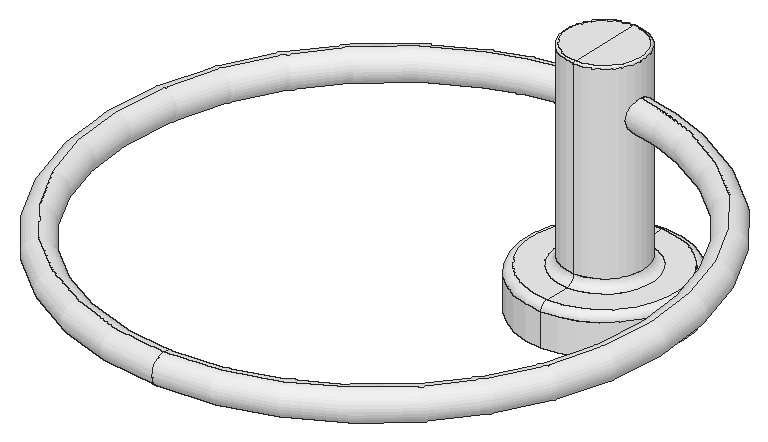
Revit family "Towel_Ring-Wall_Mounted-American_Standard-CR_Series-8336.190", category Specialty Equipment, host Face, Revit 2014
Parameters (values of type "9336.190")
  Width = 7 1/8"
  URL = "http://www.americanstandard-us.com"
  Type Comments = ""
  Revised Date = "11/22/2016"
  Product Page URL = "https://www.americanstandard-us.com/bathroom/bathroom-accessories/cr-series-towel-ring-23024"
  Product Documentation Link = "https://www.americanstandard-us.com/-/media/sites/asus/files/product-specs/bulk/specsheet8336190.pdf?la=en"
  Price = "Prices may vary. Please consult Manufacturer Representative for most up-to-date price list."  # constant formula
  Model = "9336.190"
  Material = "Metal-American Standard-002-Polished Chrome"
  Manufacturer = "American Standard"
  Length = 3"
  Installation Type = "Wall Mounted"
  Height = 8 1/8"
  Description = "CR Series Towel Ring with concealed mounting."
  Default Elevation = 40"
  Creation Date = "11/12/2013"
  Assembly Code = "C1030220"
Reference planes (in)
  plane 1 "Center (Front/Back)": y = 0
  plane 2: z = 0
  plane 3 "Center (Left/Right)": x = 0
  plane 4: y = 1
  plane 5: y = -7.125
  plane 6: x = -3.5625
  plane 7: x = 3.5625
  plane 8: y = -1
  plane 9: z = 3
  plane 10: z = 2.375
Forms (in)
  Revolve 1, solid, material "Metal-American Standard-002-Polished Chrome"
    sketch origin (0, 0, 0) x (0, 0, -1) y (0, 1, 0)
      loop
        line (0, 1) -> (-0.40733, 1)
        arc (-0.40733, 1) -> (-0.47286, 0.97286) -> (-0.5, 0.90733) r 0.09267
        line (-0.5, 0.90733) -> (-0.5, 0.59122)
        arc (-0.5, 0.59122) -> (-0.53178, 0.51449) -> (-0.60851, 0.48271) r 0.10851
        line (-0.60851, 0.48271) -> (-2.97695, 0.48271)
        arc (-2.97695, 0.48271) -> (-2.99325, 0.47596) -> (-3, 0.45967) r 0.02305
        line (-3, 0.45967) -> (-3, 0) -> (0, 0) -> (0, 1)
      axis (-3, 0) -> (0, 0)
    angle from 0 to 360
  Sweep 2, solid, material "Metal-American Standard-002-Polished Chrome"
    path origin (0, 0, 0) x (1, 0, 0) y (0, 1, 0)
      loop
        spline (0, 0.1875) -> (-0.92172, 0.06292) -> (-1.78063, -0.30234) -> (-2.5182, -0.88339) -> (-3.08415, -1.64062) -> (-3.43992, -2.52244) -> (-3.56127, -3.46875) -> (-3.43992, -4.41506) -> (-3.08415, -5.29687) -> (-2.5182, -6.05411) -> (-1.78063, -6.63516) -> (-0.92172, -7.00042) -> (0, -7.125)
        spline (0, -7.125) -> (0.92172, -7.00042) -> (1.78063, -6.63516) -> (2.5182, -6.05411) -> (3.08415, -5.29687) -> (3.43992, -4.41506) -> (3.56127, -3.46875) -> (3.43992, -2.52244) -> (3.08415, -1.64062) -> (2.5182, -0.88339) -> (1.78063, -0.30234) -> (0.92172, 0.06292) -> (0, 0.1875)
    profile origin (-3.56127, -3.46875, 0) x (1, 0, 0) y (0, 0, 1)
      loop
        circle (0.1875, 2.375) r 0.1875
Cuts and joins
  joined: Revolve 1, Sweep 2
Lines and regions (in)
  Masking region 1
    outline origin (0, 0, 0) x (1, 0, 0) y (0, 0, 1)
      loop
        line (-1, 0) -> (1, 0) -> (1, 0.40556)
        arc (1, 0.40556) -> (0.97219, 0.47269) -> (0.90506, 0.5005) r 0.09494
        line (0.90506, 0.5005) -> (0.58982, 0.5005)
        arc (0.58982, 0.5005) -> (0.51418, 0.53183) -> (0.48286, 0.60746) r 0.10696
        line (0.48286, 0.60746) -> (0.48286, 2.1875) -> (3.37366, 2.1875)
        arc (3.37366, 2.1875) -> (3.56116, 2.375) -> (3.37366, 2.5625) r 0.1875
        line (3.37366, 2.5625) -> (0.48286, 2.5625) -> (0.48286, 2.9768)
        arc (0.48286, 2.9768) -> (0.47606, 2.99321) -> (0.45966, 3) r 0.0232
        line (0.45966, 3) -> (-0.45973, 3)
        arc (-0.45973, 3) -> (-0.47608, 2.99323) -> (-0.48286, 2.97688) r 0.02312
        line (-0.48286, 2.97688) -> (-0.48286, 2.5625) -> (-3.37366, 2.5625)
        arc (-3.37366, 2.5625) -> (-3.56116, 2.375) -> (-3.37366, 2.1875) r 0.1875
        line (-3.37366, 2.1875) -> (-0.48286, 2.1875) -> (-0.48286, 0.60746)
        arc (-0.48286, 0.60746) -> (-0.51418, 0.53183) -> (-0.58982, 0.5005) r 0.10696
        line (-0.58982, 0.5005) -> (-0.90506, 0.5005)
        arc (-0.90506, 0.5005) -> (-0.97219, 0.47269) -> (-1, 0.40556) r 0.09494
        line (-1, 0.40556) -> (-1, 0)
  symbolic lines, detail levels fine
    curve 1: line (0.48286, 0, 2.1875) -> (0.48286, 0, 2.5625)
    curve 3: line (-0.48293, 0, 2.1875) -> (-0.48293, 0, 2.5625)
  symbolic lines, detail levels medium+fine
    curve 2: line (-0.58982, 0, 0.5005) -> (0.58982, 0, 0.5005)
Dimensions and locks (in)
  "Height": plane 4 to plane 5
  "Width": plane 6 to plane 7
  plane 8 to plane 4 = 2"
  plane 10 to host face = 2 3/8"
  "Length": plane 9 to host face
  aligned and locked: plane 2 to host face
  aligned and locked: level to host face
Automatic sketch dimensions
  curve 3 to plane 3 "Center (Left/Right)" = 0.48293"
  host sketch curve to host sketch curve = 96"  (x2)
  Revolve 1 sketch curve to plane 1 "Center (Front/Back)" = 0"  (x2)
  Revolve 1 sketch curve to plane 9 = 0"
  Revolve 1 sketch curve to plane 4 = 0"
  Revolve 1 sketch curve to level = 0"
  Revolve 1 sketch curve to plane 9 = 0.02305"
  Revolve 1 sketch curve to plane 10 = 1.02607"
  Revolve 1 sketch curve to Revolve 1 sketch curve = 1/4"
  level to Revolve 1 sketch curve = 0.60851"
  Revolve 1 sketch curve to plane 4 = 0.09267"
  Revolve 1 sketch curve to Revolve 1 sketch curve = 0.10851"
  Revolve 1 sketch curve to Revolve 1 sketch curve = 0.45967"
  Sweep 2 sketch curve to plane 3 "Center (Left/Right)" = 0"
  plane 8 to Sweep 2 sketch curve = 2 15/32"
  Sweep 2 sketch curve to plane 1 "Center (Front/Back)" = 3/16"
  Sweep 2 sketch curve to profile plane = 3/16"
  profile plane to Sweep 2 sketch curve = 2 3/8"
  Masking region 1 sketch curve to plane 10 = 0"  (x2)
  Masking region 1 sketch curve to level = 0"
  Masking region 1 sketch curve to plane 9 = 0"
  Masking region 1 sketch curve to plane 6 = 0.18884"
  level to Masking region 1 sketch curve = 0.40556"
  Masking region 1 sketch curve to plane 3 "Center (Left/Right)" = 1"
  Masking region 1 sketch curve to Masking region 1 sketch curve = 0.09494"  (x2)
  Masking region 1 sketch curve to Masking region 1 sketch curve = 0.31524"  (x2)
  Masking region 1 sketch curve to plane 3 "Center (Left/Right)" = 0.48286"
  Masking region 1 sketch curve to Masking region 1 sketch curve = 0.10696"  (x2)
  Masking region 1 sketch curve to Masking region 1 sketch curve = 0.02312"
  plane 3 "Center (Left/Right)" to Masking region 1 sketch curve = 0.45966"
  plane 10 to Masking region 1 sketch curve = 3/16"
  Masking region 1 sketch curve to Masking region 1 sketch curve = 0.0232"
  Masking region 1 sketch curve to Masking region 1 sketch curve = 0"
  Masking region 1 sketch curve to plane 7 = 0.18884"
  Masking region 1 sketch curve to Masking region 1 sketch curve = 0.40556"
  Masking region 1 sketch curve to plane 10 = 3/16"
  curve 2 to plane 3 "Center (Left/Right)" = 0.58982"
  plane 10 to curve 1 = 3/16"
  plane 3 "Center (Left/Right)" to curve 1 = 0.48286"
  plane 3 "Center (Left/Right)" to curve 2 = 0.58982"
  curve 1 to plane 10 = 3/16"
  level to curve 2 = 0.5005"
  plane 10 to curve 3 = 3/16"
  curve 3 to plane 10 = 3/16"
  radius of Sweep 2 sketch curve = 3/16"
